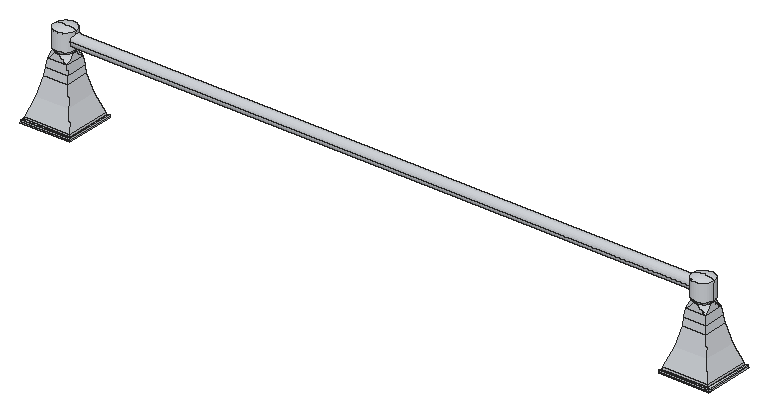
Revit family "Accessory-Towel_Bar-KOHLER-Memoirs-K-486", category Specialty Equipment, host Face, Revit 2015
Parameters (values of type "CP-Polished Chrome")
  Width = 3 1/4"  # constant formula
  URL = "https://www.us.kohler.com/us/"
  Type = 1
  Product Page URL = "http://www.us.kohler.com/us/catalog/productDetails.jsp?productNumber=486"
  Product Name = "Memoirs"  # constant formula
  Product Documentation Link = "http://www.us.kohler.com/onlinecatalog/pdf/K-486_spec.pdf"
  Model = if(Type = 1, "K-486-CP", if(Type = 2, "K-486-BN", if(Type = 3, "K-486-BV", if(Type = 4, "K-486-2BZ", "NA"))))  # "K-486-CP"
  Material = "Premium Metal Construction"  # constant formula
  MasterFormat 2004 = "10.28.13"  # constant formula
  MasterFormat 1995 = "10820"  # constant formula
  Manufacturer Address = "444 Highland Dr, Kohler, WI 53044"  # constant formula
  Manufacturer = "KOHLER Co."  # constant formula
  Length = 25 7/8"  # constant formula
  Height = 1 7/8"  # constant formula
  Finish = Kohler-Metal-CP-Polished_Chrome
  Environmental Product Declaration = ""
  Description = "Stately 24 inch towel bar"  # constant formula
  Default Elevation = 42"  # constant formula
  Declare Label = ""
  Date Modified = "12/19/2018"  # constant formula
  Date Created = "12/19/2018"  # constant formula
  Copyright = "Copyright KOHLER Co."  # constant formula
  Contact Us = "https://www.us.kohler.com/us/static/contact.jsp"
  Assembly Code = "C1030200"
  ADA Compliant = 1 = 0  # no
Types (5): name | Type | Model | Finish
  (no name) | 1 | "K-486-CP" | Kohler-Metal-CP-Polished_Chrome
  CP-Polished Chrome | 1 | "K-486-CP" | Kohler-Metal-CP-Polished_Chrome
  BN-Vibrant Brushed Nickel | 2 | "K-486-BN" | Kohler-Metal-BN-Vibrant_Brushed_Nickel
  BV-Vibrant Brushed Bronze | 3 | "K-486-BV" | Kohler-Metal-BV-Brushed_Bronze
  2BZ-Oil_Rubbed Bronze | 4 | "K-486-2BZ" | Kohler-Metal-2BZ-Oil_Rubbed_Bronze
Reference planes (in)
  plane 1 "Center (Front/Back)": y = 0
  plane 2: z = 0
  plane 3 "Center (Left/Right)": x = 0
  plane 4: x = -12.9375
  plane 5: x = 12.9375
  plane 6: y = 0.9375
  plane 7: y = -0.9375
  plane 8: z = 3.25
Dimensions and locks (in)
  "Length": plane 4 to plane 5
  "Height": plane 7 to plane 6
  "Width": plane 8 to plane 2
  aligned and locked: host face to plane 2
  aligned and locked: level to host face
Automatic sketch dimensions
  host sketch curve to host sketch curve = 96"  (x2)
Nested families (in)
  nested 1: "K-486" at (0, 0, 0), type "K-486"
Definition of nested family "K-486"
  Parameters (values of type "K-486")
    Material = none
  Reference planes (in)
    plane 1 "Center (Front/Back)": y = 0
    plane 2: z = 0
    plane 3 "Center (Left/Right)": x = 0
    plane 4: x = -12
    plane 5: x = 12
    plane 6: x = -12.9375
    plane 7: x = 12.9375
    plane 8: x = 11.0625
    plane 9: x = -11.0625
    plane 10: y = 0.9375
    plane 11: y = -0.9375
    plane 12: z = 3.25
  Forms (in)
    Sweep 1, solid, material <- "Material", detail levels medium+fine
      path origin (0, 0, 0) x (1, 0, 0) y (0, 1, 0)
        loop
          line (-11.0625, 0.9375) -> (-12.9375, 0.9375) -> (-12.9375, -0.9375) -> (-11.0625, -0.9375) -> (-11.0625, 0.9375)
      profile origin (-12.9375, 0, 0) x (1, 0, 0) y (0, 0, 1)
        loop
          line (0.61048, 0) -> (0.61048, 2.4) -> (0.5775, 2.4)
          arc (0.5775, 2.4) -> (0.57454, 2.27543) -> (0.56566, 2.15115) r 2.62055
          arc (0.56566, 2.15115) -> (0.55039, 1.98941) -> (0.53545, 1.82765) r 81.01559
          arc (0.53545, 1.82765) -> (0.51957, 1.68858) -> (0.49743, 1.55038) r 3.09715
          arc (0.49743, 1.55038) -> (0.33167, 0.85926) -> (0.0925, 0.19) r 6.59492
          line (0.0925, 0.19) -> (0.0925, 0.11) -> (0.03873, 0.11)
          arc (0.03873, 0.11) -> (0.0221, 0.10492) -> (0.01114, 0.09143) r 0.02979
          arc (0.01114, 0.09143) -> (0.00281, 0.06347) -> (0, 0.03443) r 0.15141
          line (0, 0.03443) -> (0, 0) -> (0.61048, 0)
    Extrusion 2, solid, material <- "Material", detail levels medium+fine
      sketch origin (0, 0, 0) x (1, 0, 0) y (0, 1, 0)
        loop
          line (-12.32702, 0.32702) -> (-12.32702, -0.32702) -> (-11.67298, -0.32702) -> (-11.67298, 0.32702) -> (-12.32702, 0.32702)
      from 0 to 2.4
    Extrusion 3, void
      sketch origin (-6, -6, 0) x (0.707107, -0.707107, 0) y (0, 0, 1)
        loop
          arc (-8.18094, 2.43239) -> (-8.08409, 2.25816) -> (-7.92845, 2.13362) r 0.51611
          line (-7.92845, 2.13362) -> (-7.92845, 2.43239) -> (-8.18094, 2.43239)
        loop
          line (-8.78963, 2.43239) -> (-9.04211, 2.43239) -> (-9.04211, 2.13362)
          arc (-9.04211, 2.13362) -> (-8.88647, 2.25816) -> (-8.78963, 2.43239) r 0.51611
      from -0.20367 to 0.21358
    Revolve 4, solid, material <- "Material", detail levels medium+fine
      sketch origin (0, 0, 0) x (1, 0, 0) y (0, 0, 1)
        loop
          line (-12.3999, 3.14702) -> (-12.3999, 2.49995) -> (-12.31603, 2.4) -> (-12, 2.4) -> (-12, 3.25)
          arc (-12, 3.25) -> (-12.20647, 3.22384) -> (-12.3999, 3.14702) r 0.82798
        axis (-12, 2.4) -> (-12, 3.25)
      angle from 0 to 360
    Extrusion 5, void
      sketch origin (-18, -6, 0) x (-0.707107, -0.707107, 0) y (0, 0, -1)
        loop
          line (-8.18094, -2.43239) -> (-7.92845, -2.43239) -> (-7.92845, -2.13362)
          arc (-7.92845, -2.13362) -> (-8.08409, -2.25816) -> (-8.18094, -2.43239) r 0.51611
        loop
          arc (-8.78963, -2.43239) -> (-8.88647, -2.25816) -> (-9.04211, -2.13362) r 0.51611
          line (-9.04211, -2.13362) -> (-9.04211, -2.43239) -> (-8.78963, -2.43239)
      from -0.20367 to 0.21358
    Sweep 6, solid, material <- "Material", detail levels medium+fine
      path origin (0, 0, 0) x (-1, 0, 0) y (0, 1, 0)
        loop
          line (-11.0625, 0.9375) -> (-12.9375, 0.9375) -> (-12.9375, -0.9375) -> (-11.0625, -0.9375) -> (-11.0625, 0.9375)
      profile origin (12.9375, 0, 0) x (1, 0, 0) y (0, 0, 1)
        loop
          line (-0.61048, 0) -> (0, 0) -> (0, 0.03443)
          arc (0, 0.03443) -> (-0.00281, 0.06347) -> (-0.01114, 0.09143) r 0.15141
          arc (-0.01114, 0.09143) -> (-0.0221, 0.10492) -> (-0.03873, 0.11) r 0.02979
          line (-0.03873, 0.11) -> (-0.0925, 0.11) -> (-0.0925, 0.19)
          arc (-0.0925, 0.19) -> (-0.33167, 0.85926) -> (-0.49743, 1.55038) r 6.59492
          arc (-0.49743, 1.55038) -> (-0.51957, 1.68858) -> (-0.53545, 1.82765) r 3.09715
          arc (-0.53545, 1.82765) -> (-0.55039, 1.98941) -> (-0.56566, 2.15115) r 81.01559
          arc (-0.56566, 2.15115) -> (-0.57454, 2.27543) -> (-0.5775, 2.4) r 2.62055
          line (-0.5775, 2.4) -> (-0.61048, 2.4) -> (-0.61048, 0)
    Extrusion 7, solid, material <- "Material", detail levels medium+fine
      sketch origin (0, 0, 0) x (-1, 0, 0) y (0, -1, 0)
        loop
          line (-12.32702, -0.32702) -> (-11.67298, -0.32702) -> (-11.67298, 0.32702) -> (-12.32702, 0.32702) -> (-12.32702, -0.32702)
      from 0 to 2.4
    Extrusion 8, void
      sketch origin (6, -6, 0) x (-0.707107, -0.707107, 0) y (0, 0, -1)
        loop
          line (-8.18094, -2.43239) -> (-7.92845, -2.43239) -> (-7.92845, -2.13362)
          arc (-7.92845, -2.13362) -> (-8.08409, -2.25816) -> (-8.18094, -2.43239) r 0.51611
        loop
          arc (-8.78963, -2.43239) -> (-8.88647, -2.25816) -> (-9.04211, -2.13362) r 0.51611
          line (-9.04211, -2.13362) -> (-9.04211, -2.43239) -> (-8.78963, -2.43239)
      from -0.20367 to 0.21358
    Revolve 9, solid, material <- "Material", detail levels medium+fine
      sketch origin (0, 0, 0) x (-1, 0, 0) y (0, 0, 1)
        loop
          line (-12.3999, 3.14702) -> (-12.3999, 2.49995) -> (-12.31603, 2.4) -> (-12, 2.4) -> (-12, 3.25)
          arc (-12, 3.25) -> (-12.20647, 3.22384) -> (-12.3999, 3.14702) r 0.82798
        axis (-12, 2.4) -> (-12, 3.25)
      angle from 0 to 360
    Extrusion 10, void
      sketch origin (18, -6, 0) x (0.707107, -0.707107, 0) y (0, 0, 1)
        loop
          arc (-8.18094, 2.43239) -> (-8.08409, 2.25816) -> (-7.92845, 2.13362) r 0.51611
          line (-7.92845, 2.13362) -> (-7.92845, 2.43239) -> (-8.18094, 2.43239)
        loop
          line (-8.78963, 2.43239) -> (-9.04211, 2.43239) -> (-9.04211, 2.13362)
          arc (-9.04211, 2.13362) -> (-8.88647, 2.25816) -> (-8.78963, 2.43239) r 0.51611
      from -0.20367 to 0.21358
    Extrusion 11, solid, material <- "Material", detail levels medium+fine
      sketch origin (0, 0, 0) x (0, 1, 0) y (0, 0, 1)
        loop
          circle (0, 2.83998) r 0.21906
      from -12 to 12
    Revolve 12, solid, material <- "Material", detail levels coarse
      sketch origin (0, 0, 0) x (1, 0, 0) y (0, 0, 1)
        loop
          line (-11.99952, 0) -> (-10.7298, 0) -> (-10.7298, 0.19) -> (-11.155, 0.19) -> (-11.6156, 3.25) -> (-11.99952, 3.25) -> (-11.99952, 0)
        axis (-11.99952, 0) -> (-11.99952, 3.25)
      angle from 0 to 360
    Revolve 13, solid, material <- "Material", detail levels coarse
      sketch origin (0, 0, 0) x (-1, 0, 0) y (0, 0, 1)
        loop
          line (-11.99952, 0) -> (-10.7298, 0) -> (-10.7298, 0.19) -> (-11.155, 0.19) -> (-11.6156, 3.25) -> (-11.99952, 3.25) -> (-11.99952, 0)
        axis (-11.99952, 0) -> (-11.99952, 3.25)
      angle from 0 to 360
    Extrusion 14, solid, material <- "Material", detail levels coarse
      sketch origin (0, 0, 0) x (0, 1, 0) y (0, 0, 1)
        loop
          circle (0, 2.83998) r 0.25
      from -12.0167 to 12
  Cuts and joins
    Extrusion 3, Extrusion 5, Extrusion 8, Extrusion 10 cuts Sweep 1
    Extrusion 3, Extrusion 5, Extrusion 8, Extrusion 10 cuts Extrusion 2
    Extrusion 8 cuts Revolve 4
    Extrusion 8, Extrusion 10 cuts Sweep 6
    Extrusion 8, Extrusion 10 cuts Extrusion 7
    joined: Sweep 1, Extrusion 2, Revolve 4, Sweep 6, Extrusion 7, Revolve 9, Extrusion 11
    joined: Revolve 12, Revolve 13, Extrusion 14
  Lines and regions (in)
    Masking region 1
      outline origin (0, 0, 0) x (1, 0, 0) y (0, 0, 1)
        loop
          line (-11.99952, 0) -> (-11.0625, 0) -> (-11.0625, 0.03443)
          arc (-11.0625, 0.03443) -> (-11.06531, 0.06347) -> (-11.07364, 0.09143) r 0.15141
          arc (-11.07364, 0.09143) -> (-11.0846, 0.10492) -> (-11.10123, 0.11) r 0.02979
          line (-11.10123, 0.11) -> (-11.155, 0.11) -> (-11.155, 0.19)
          arc (-11.155, 0.19) -> (-11.39417, 0.85926) -> (-11.55993, 1.55038) r 6.59492
          arc (-11.55993, 1.55038) -> (-11.58207, 1.68858) -> (-11.59795, 1.82765) r 3.09715
          arc (-11.59795, 1.82765) -> (-11.61289, 1.98941) -> (-11.62816, 2.15115) r 81.01559
          arc (-11.62816, 2.15115) -> (-11.63704, 2.27543) -> (-11.64, 2.4) r 2.62055
          line (-11.64, 2.4) -> (-11.68397, 2.4) -> (-11.6001, 2.49995) -> (-11.6001, 2.62092) -> (-0.01152, 2.62092) -> (11.6001, 2.62092) -> (11.6001, 2.49995) -> (11.68397, 2.4) -> (11.64, 2.4)
          arc (11.64, 2.4) -> (11.63704, 2.27543) -> (11.62816, 2.15115) r 2.62055
          arc (11.62816, 2.15115) -> (11.61289, 1.98941) -> (11.59795, 1.82765) r 81.01559
          arc (11.59795, 1.82765) -> (11.58207, 1.68858) -> (11.55993, 1.55038) r 3.09715
          arc (11.55993, 1.55038) -> (11.39417, 0.85926) -> (11.155, 0.19) r 6.59492
          line (11.155, 0.19) -> (11.155, 0.11) -> (11.10123, 0.11)
          arc (11.10123, 0.11) -> (11.0846, 0.10492) -> (11.07364, 0.09143) r 0.02979
          arc (11.07364, 0.09143) -> (11.06531, 0.06347) -> (11.0625, 0.03443) r 0.15141
          line (11.0625, 0.03443) -> (11.0625, 0) -> (11.99952, 0) -> (12.9375, 0) -> (12.9375, 0.03443)
          arc (12.9375, 0.03443) -> (12.93469, 0.06347) -> (12.92636, 0.09143) r 0.15141
          arc (12.92636, 0.09143) -> (12.9154, 0.10492) -> (12.89877, 0.11) r 0.02979
          line (12.89877, 0.11) -> (12.845, 0.11) -> (12.845, 0.19)
          arc (12.845, 0.19) -> (12.60583, 0.85926) -> (12.44007, 1.55038) r 6.59492
          arc (12.44007, 1.55038) -> (12.41793, 1.68858) -> (12.40205, 1.82765) r 3.09715
          arc (12.40205, 1.82765) -> (12.38711, 1.98941) -> (12.37184, 2.15115) r 81.01559
          arc (12.37184, 2.15115) -> (12.36296, 2.27543) -> (12.36, 2.4) r 2.62055
          line (12.36, 2.4) -> (12.31603, 2.4) -> (12.3999, 2.49995) -> (12.3999, 3.14702)
          arc (12.3999, 3.14702) -> (12.20647, 3.22384) -> (12, 3.25) r 0.82798
          arc (12, 3.25) -> (11.79353, 3.22384) -> (11.6001, 3.14702) r 0.82798
          line (11.6001, 3.14702) -> (11.6001, 3.05905) -> (-0.05602, 3.05905) -> (-11.6001, 3.05905) -> (-11.6001, 3.14702)
          arc (-11.6001, 3.14702) -> (-11.79353, 3.22384) -> (-12, 3.25) r 0.82798
          arc (-12, 3.25) -> (-12.20647, 3.22384) -> (-12.3999, 3.14702) r 0.82798
          line (-12.3999, 3.14702) -> (-12.3999, 2.49995) -> (-12.31603, 2.4) -> (-12.36, 2.4)
          arc (-12.36, 2.4) -> (-12.36296, 2.27543) -> (-12.37184, 2.15115) r 2.62055
          arc (-12.37184, 2.15115) -> (-12.38711, 1.98941) -> (-12.40205, 1.82765) r 81.01559
          arc (-12.40205, 1.82765) -> (-12.41793, 1.68858) -> (-12.44007, 1.55038) r 3.09715
          arc (-12.44007, 1.55038) -> (-12.60583, 0.85926) -> (-12.845, 0.19) r 6.59492
          line (-12.845, 0.19) -> (-12.845, 0.11) -> (-12.89877, 0.11)
          arc (-12.89877, 0.11) -> (-12.9154, 0.10492) -> (-12.92636, 0.09143) r 0.02979
          arc (-12.92636, 0.09143) -> (-12.93469, 0.06347) -> (-12.9375, 0.03443) r 0.15141
          line (-12.9375, 0.03443) -> (-12.9375, 0) -> (-11.99952, 0)
    Masking region 2
      outline origin (0, 0, 0) x (0, 1, 0) y (0, 0, 1)
        loop
          line (0.03766, 0) -> (0.9375, 0) -> (0.9375, 0.03443)
          arc (0.9375, 0.03443) -> (0.93469, 0.06347) -> (0.92636, 0.09143) r 0.15141
          arc (0.92636, 0.09143) -> (0.9154, 0.10492) -> (0.89877, 0.11) r 0.02979
          line (0.89877, 0.11) -> (0.845, 0.11) -> (0.845, 0.19)
          arc (0.845, 0.19) -> (0.60583, 0.85926) -> (0.44007, 1.55038) r 6.59492
          arc (0.44007, 1.55038) -> (0.41793, 1.68858) -> (0.40205, 1.82765) r 3.09715
          arc (0.40205, 1.82765) -> (0.38711, 1.98941) -> (0.37184, 2.15115) r 81.01559
          arc (0.37184, 2.15115) -> (0.36296, 2.27543) -> (0.36, 2.4) r 2.62055
          line (0.36, 2.4) -> (0.31603, 2.4) -> (0.3999, 2.49995) -> (0.3999, 3.14702)
          arc (0.3999, 3.14702) -> (0.20647, 3.22384) -> (0, 3.25) r 0.82798
          arc (0, 3.25) -> (-0.20647, 3.22384) -> (-0.3999, 3.14702) r 0.82798
          line (-0.3999, 3.14702) -> (-0.3999, 2.49995) -> (-0.31603, 2.4) -> (-0.36, 2.4)
          arc (-0.36, 2.4) -> (-0.36296, 2.27543) -> (-0.37184, 2.15115) r 2.62055
          arc (-0.37184, 2.15115) -> (-0.38711, 1.98941) -> (-0.40205, 1.82765) r 81.01559
          arc (-0.40205, 1.82765) -> (-0.41793, 1.68858) -> (-0.44007, 1.55038) r 3.09715
          arc (-0.44007, 1.55038) -> (-0.60583, 0.85926) -> (-0.845, 0.19) r 6.59492
          line (-0.845, 0.19) -> (-0.845, 0.11) -> (-0.89877, 0.11)
          arc (-0.89877, 0.11) -> (-0.9154, 0.10492) -> (-0.92636, 0.09143) r 0.02979
          arc (-0.92636, 0.09143) -> (-0.93469, 0.06347) -> (-0.9375, 0.03443) r 0.15141
          line (-0.9375, 0.03443) -> (-0.9375, 0) -> (0.03766, 0)
    Masking region 3
      outline origin (0, 0, 0) x (1, 0, 0) y (0, 1, 0)
        loop
          line (-12.9375, 0.9375) -> (-12.9375, -0.9375) -> (-11.0625, -0.9375) -> (-11.0625, -0.21906) -> (0, -0.21906) -> (11.0625, -0.21906) -> (11.0625, -0.9375) -> (12.9375, -0.9375) -> (12.9375, 0.9375) -> (11.0625, 0.9375) -> (11.0625, 0.21906) -> (-0.15881, 0.21906) -> (-11.0625, 0.21906) -> (-11.0625, 0.9375) -> (-12.9375, 0.9375)
    symbolic lines, detail levels medium+fine
      curve 1: line (-12.845, 0, 0.11) -> (-11.155, 0, 0.11)
      curve 2: line (-12.845, 0, 0.19) -> (-11.155, 0, 0.19)
      curve 3: line (-12.31603, 0, 2.4) -> (-11.68397, 0, 2.4)
      curve 4: line (-12.3999, 0, 2.49995) -> (-11.6001, 0, 2.49995)
      curve 5: line (-12.3999, 0, 3.14702) -> (-11.6001, 0, 3.14702)
      curve 6: arc (-11.6001, 0, 3.05905) -> (-11.66673, 0, 2.83998) -> (-11.6001, 0, 2.62092) r 0.39343
      curve 7: spline (-12.08672, 0, 2.4) -> (-12.10389, 0, 2.37292) -> (-12.12245, 0, 2.34678) -> (-12.14236, 0, 2.32164) -> (-12.16356, 0, 2.29759) -> (-12.18599, 0, 2.27469) -> (-12.20959, 0, 2.253) -> (-12.23428, 0, 2.23258) -> (-12.26002, 0, 2.21348) -> (-12.28671, 0, 2.19577) -> (-12.3143, 0, 2.17949) -> (-12.34269, 0, 2.16469) -> (-12.37182, 0, 2.1514)
      curve 8: spline (-11.91328, 0, 2.4) -> (-11.89611, 0, 2.37292) -> (-11.87755, 0, 2.34678) -> (-11.85764, 0, 2.32164) -> (-11.83644, 0, 2.29759) -> (-11.81401, 0, 2.27469) -> (-11.79041, 0, 2.253) -> (-11.76572, 0, 2.23258) -> (-11.73998, 0, 2.21348) -> (-11.71329, 0, 2.19577) -> (-11.6857, 0, 2.17949) -> (-11.65731, 0, 2.16469) -> (-11.62818, 0, 2.1514)
      curve 9: line (12.845, 0, 0.11) -> (11.155, 0, 0.11)
      curve 10: line (12.845, 0, 0.19) -> (11.155, 0, 0.19)
      curve 11: line (12.31603, 0, 2.4) -> (11.68397, 0, 2.4)
      curve 12: line (12.3999, 0, 2.49995) -> (11.6001, 0, 2.49995)
      curve 13: line (12.3999, 0, 3.14702) -> (11.6001, 0, 3.14702)
      curve 14: arc (11.6001, 0, 3.05905) -> (11.66673, 0, 2.83998) -> (11.6001, 0, 2.62092) r 0.39343
      curve 15: spline (12.08672, 0, 2.4) -> (12.10389, 0, 2.37292) -> (12.12245, 0, 2.34678) -> (12.14236, 0, 2.32164) -> (12.16356, 0, 2.29759) -> (12.18599, 0, 2.27469) -> (12.20959, 0, 2.253) -> (12.23428, 0, 2.23258) -> (12.26002, 0, 2.21348) -> (12.28671, 0, 2.19577) -> (12.3143, 0, 2.17949) -> (12.34269, 0, 2.16469) -> (12.37182, 0, 2.1514)
      curve 16: spline (11.91328, 0, 2.4) -> (11.89611, 0, 2.37292) -> (11.87755, 0, 2.34678) -> (11.85764, 0, 2.32164) -> (11.83644, 0, 2.29759) -> (11.81401, 0, 2.27469) -> (11.79041, 0, 2.253) -> (11.76572, 0, 2.23258) -> (11.73998, 0, 2.21348) -> (11.71329, 0, 2.19577) -> (11.6857, 0, 2.17949) -> (11.65731, 0, 2.16469) -> (11.62818, 0, 2.1514)
      curve 17: line (0, 0.845, 0.11) -> (0, -0.845, 0.11)
      curve 18: line (0, 0.845, 0.19) -> (0, -0.845, 0.19)
      curve 19: line (0, 0.31603, 2.4) -> (0, -0.31603, 2.4)
      curve 20: line (0, 0.3999, 2.49995) -> (0, -0.3999, 2.49995)
      curve 21: line (0, 0.3999, 3.14702) -> (0, -0.3999, 3.14702)
      curve 22: arc (0, 0.37184, 2.15115) -> (0, 0.20916, 2.25241) -> (0, 0.08694, 2.4) r 0.59696
      curve 23: arc (0, -0.37184, 2.15115) -> (0, -0.20916, 2.25241) -> (0, -0.08694, 2.4) r 0.59696
      curve 24: line (-11.155, 0.845, 0) -> (-12.845, 0.845, 0)
      curve 25: line (-12.845, 0.845, 0) -> (-12.845, -0.845, 0)
      curve 26: line (-12.845, -0.845, 0) -> (-11.155, -0.845, 0)
      curve 27: line (-11.155, -0.845, 0) -> (-11.155, -0.21906, 0)
      curve 28: arc (-12.37184, 0.37184, 0) -> (-12.27118, 0.36587, 0) -> (-12.17043, 0.36177, 0) r 5.42864
      curve 29: arc (-12.37184, 0.37184, 0) -> (-12.36588, 0.27117, 0) -> (-12.36178, 0.1704, 0) r 5.44973
      curve 30: arc (-11.62816, 0.37184, 0) -> (-11.63285, 0.29548, 0) -> (-11.63647, 0.21906, 0) r 5.44973
      curve 31: arc (-12.37175, -0.37183, 0) -> (-12.27113, -0.36587, 0) -> (-12.17043, -0.36177, 0) r 5.42864
      curve 32: circle (-12, 0, 0) r 0.3999 normal (0, 0, 1)
      curve 33: arc (-11.82957, 0.36177, 0) -> (-11.72882, 0.36587, 0) -> (-11.62816, 0.37184, 0) r 5.42864
      curve 34: arc (-12.36174, -0.17049, 0) -> (-12.36581, -0.27121, 0) -> (-12.37175, -0.37183, 0) r 5.44973
      curve 35: arc (-11.82957, -0.36177, 0) -> (-11.72887, -0.36587, 0) -> (-11.62825, -0.37183, 0) r 5.42864
      curve 36: arc (-11.63653, -0.21906, 0) -> (-11.63293, -0.29548, 0) -> (-11.62825, -0.37183, 0) r 5.44973
      curve 37: line (-12.9375, 0.9375, 0) -> (-12.37184, 0.37184, 0)
      curve 38: line (-12.9375, -0.9375, 0) -> (-12.37184, -0.37184, 0)
      curve 39: line (-11.0625, -0.9375, 0) -> (-11.62826, -0.37174, 0)
      curve 40: line (-11.0625, 0.9375, 0) -> (-11.62816, 0.37184, 0)
      curve 41: line (-11.0625, 0.21906, 0) -> (-11.66544, 0.21906, 0)
      curve 42: line (-11.0625, -0.21906, 0) -> (-11.66544, -0.21906, 0)
      curve 43: line (-11.155, 0.21906, 0) -> (-11.155, 0.845, 0)
      curve 44: line (11.155, 0.845, 0) -> (12.845, 0.845, 0)
      curve 45: line (12.845, 0.845, 0) -> (12.845, -0.845, 0)
      curve 46: line (12.845, -0.845, 0) -> (11.155, -0.845, 0)
      curve 47: line (11.155, -0.845, 0) -> (11.155, -0.21906, 0)
      curve 48: arc (12.37184, 0.37184, 0) -> (12.27118, 0.36587, 0) -> (12.17043, 0.36177, 0) r 5.42864
      curve 49: arc (12.37184, 0.37184, 0) -> (12.36588, 0.27117, 0) -> (12.36178, 0.1704, 0) r 5.44973
      curve 50: arc (11.62816, 0.37184, 0) -> (11.63285, 0.29548, 0) -> (11.63647, 0.21906, 0) r 5.44973
      curve 51: arc (12.37184, -0.37184, 0) -> (12.27118, -0.36587, 0) -> (12.17043, -0.36177, 0) r 5.42864
      curve 52: circle (12, 0, 0) r 0.3999 normal (0, 0, -1)
      curve 53: arc (11.82957, 0.36177, 0) -> (11.72882, 0.36587, 0) -> (11.62816, 0.37184, 0) r 5.42864
      curve 54: arc (12.36174, -0.17049, 0) -> (12.36581, -0.27121, 0) -> (12.37175, -0.37183, 0) r 5.44973
      curve 55: arc (11.82957, -0.36177, 0) -> (11.72882, -0.36587, 0) -> (11.62816, -0.37184, 0) r 5.42864
      curve 56: arc (11.63653, -0.21906, 0) -> (11.63293, -0.29548, 0) -> (11.62825, -0.37183, 0) r 5.44973
      curve 57: line (12.9375, 0.9375, 0) -> (12.37184, 0.37184, 0)
      curve 58: line (12.9375, -0.9375, 0) -> (12.37184, -0.37184, 0)
      curve 59: line (11.0625, -0.9375, 0) -> (11.62816, -0.37184, 0)
      curve 60: line (11.0625, 0.9375, 0) -> (11.62816, 0.37184, 0)
      curve 61: line (11.0625, 0.21906, 0) -> (11.66544, 0.21906, 0)
      curve 62: line (11.0625, -0.21906, 0) -> (11.66544, -0.21906, 0)
      curve 63: line (11.155, 0.21906, 0) -> (11.155, 0.845, 0)
  Dimensions and locks (in)
    locked: plane 4 to plane 5 at 24
    locked: plane 6 to plane 7 at 25.875
    locked: plane 8 to plane 7 at 1.875
    locked: plane 9 to plane 6 at 1.875
    locked: plane 10 to plane 11 at 1.875
    locked: plane 12 to plane 2 at 3.25
    aligned and locked: plane 2 to level
